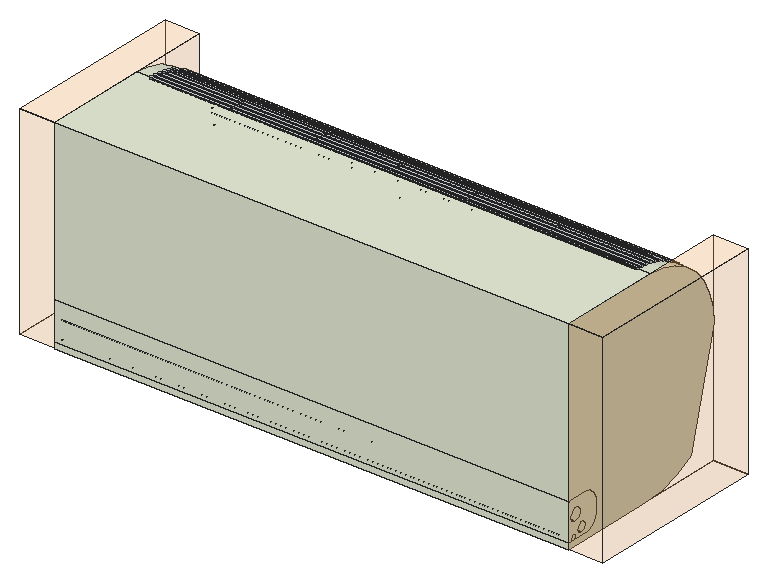
Revit family "1.5(2.2,2.8,3.6)kW", category Mechanical Equipment, Revit 2013
Parameters (values of type "1.5kW")
  clearance access right = 50.000 mm
  clearance access left = 50.000 mm
  clearance [instance] = no
  Width = 750.000 mm
  URL = ""
  Series = "VRF IDU"
  Power supply = "220-240V, 50Hz"
  Panel color = "Polar white"
  Net Weight = 9.00 kg
  Model = "1.5kW"
  Minimum Circuit Amps = 0.28 A
  Maximum Fuse Amps = 15 A
  Manufacturer = ""
  Machine material = Galvanized Steel
  Liquid pipe = 6.350 mm
  Installation = "Indoor installation"
  Height = 295.000 mm
  Heating Power Input = 18 W
  Heating Capacity = 1700 W
  Gas pipe = 12.700 mm
  Gas = "R410a/R32"
  Description = "High efficiency air cooled"
  Depth = 265.000 mm
  Cooling Power Input = 18 W
  Cooling Capacity = 1500 W
  Condensation = "air"
  Air  Flow = "460/440/420/400/380/360/340 m3/h"
Types (5, lengths in mm): name | Net Weight | Model | Minimum Circuit Amps | Heating Power Input | Heating Capacity | Cooling Power Input | Cooling Capacity | Air  Flow
  (no name) | 9.00 kg | "1.5kW" | 0.28 A | 18 W | 1700 W | 18 W | 1500 W | "460/440/420/400/380/360/340 m3/h"
  1.5kW | 9.00 kg | "1.5kW" | 0.28 A | 18 W | 1700 W | 18 W | 1500 W | "460/440/420/400/380/360/340 m3/h"
  2.2kW | 9.00 kg | "2.2kW" | 0.29 A | 21 W | 2400 W | 21 W | 2200 W | "500/470/440/410/390/370/340 m3/h"
  2.8kW | 10.00 kg | "2.8kW" | 0.36 A | 24 W | 3200 W | 24 W | 2800 W | "540/510/470/430/400/370/340 m3/h"
  3.6kW | 10.00 kg | "3.6kW" | 0.39 A | 27 W | 4000 W | 27 W | 3600 W | "580/540/500/460/420/380/340 m3/h"
Reference planes
  plane 1 "center(front/back)": y = 0
  plane 2: z = 0
  plane 3 "center(left/right)": x = 0
  plane 4: z = 375
  plane 5: x = 417.5
  plane 6: x = -332.5
  plane 7: y = 265
  plane 8: z = 295
Forms (mm)
  Extrusion 1, solid, material "Galvanized Steel" <- "Machine material", detail levels fine
    sketch origin (0, 125, 12.5) x (0, 1, 0) y (0, 0, 1)
      loop
        circle (-113.005, 29.131) r 8.25
    from -327.547 to 417.5
  Extrusion 2, solid, material "Galvanized Steel" <- "Machine material", detail levels fine
    sketch origin (0, 123.592, 9.769) x (0, 1, 0) y (0, 0, 1)
      loop
        circle (-100.476, 10.907) r 6.35
    from -327.547 to 417.5
  Extrusion 3, solid, material "Galvanized Steel" <- "Machine material", detail levels fine
    sketch origin (0, 127.199, 0) x (0, 1, 0) y (0, 0, 1)
      loop
        circle (-119.554, 12.9) r 3.175
    from -327.547 to 417.5
  Extrusion 4, solid, material "Galvanized Steel" <- "Machine material", detail levels medium+fine
    sketch origin (0, 3, 0) x (0, 1, 0) y (0, 0, 1)
      loop
        line (-3, 0) -> (136.546, 0)
        arc (136.546, 0) -> (180.314, 6.385) -> (220.434, 25.007) r 153.209
        line (220.434, 25.007) -> (262, 180.132)
        arc (262, 180.132) -> (228.356, 261.356) -> (147.132, 295) r 114.868
        line (147.132, 295) -> (-3, 295) -> (-3, 0)
    from 417.5 to -332.5
  Extrusion 5, solid, material "Galvanized Steel" <- "Machine material", detail levels fine
    sketch origin (0, 7.694, 14.158) x (0, 0.981627, -0.190809) y (0, 0.190809, 0.981627)
      loop
        arc (101.5, 0) -> (137.495, 5.734) -> (169.928, 22.368) r 115.852
        line (169.928, 22.368) -> (162.857, 29.439) -> (91.134, 7.511) -> (91.134, 0) -> (101.5, 0)
    from 357.5 to -277.424
  Extrusion 6, solid, material "Galvanized Steel" <- "Machine material", detail levels fine
    sketch origin (0, 0, 0) x (0, 1, 0) y (0, 0, 1)
      loop
        line (0, 63) -> (0, 9) -> (30, 9)
        arc (30, 9) -> (44.142, 14.858) -> (50, 29) r 20
        line (50, 29) -> (50, 43)
        arc (50, 43) -> (44.142, 57.142) -> (30, 63) r 20
        line (30, 63) -> (0, 63)
    from 417.5 to -332.5
  Extrusion 7, void
    sketch origin (0, 0, 0) x (1, 0, 0) y (0, 1, 0)
      loop
        line (357.5, 254.582) -> (-277.424, 254.582) -> (-277.424, 150) -> (357.5, 150) -> (357.5, 254.582)
    from 295 to 164.01
  Extrusion 8, void
    sketch origin (0, -114.582, 0) x (1, 0, 0) y (0, 1, 0)
      loop
        line (357.5, 331.599) -> (-277.424, 331.599) -> (-277.424, 264.582) -> (357.5, 264.582) -> (357.5, 331.599)
    from 295 to 42.64
  Extrusion 9, solid, detail levels fine
    sketch origin (0, 0, 0) x (0, 1, 0) y (0, 0, 1)
      loop
        circle (150.132, 295) r 1.5
      loop
        circle (158.145, 294.72) r 1.5
      loop
        circle (166.119, 293.882) r 1.5
      loop
        circle (174.015, 292.49) r 1.5
      loop
        circle (181.794, 290.55) r 1.5
      loop
        circle (189.419, 288.073) r 1.5
      loop
        circle (196.853, 285.069) r 1.5
      loop
        circle (204.059, 281.554) r 1.5
      loop
        circle (211.003, 277.546) r 1.5
      loop
        circle (217.65, 273.062) r 1.5
      loop
        circle (223.968, 268.126) r 1.5
      loop
        circle (229.926, 262.761) r 1.5
      loop
        circle (235.496, 256.994) r 1.5
      loop
        circle (240.649, 250.852) r 1.5
      loop
        circle (245.362, 244.365) r 1.5
      loop
        circle (249.611, 237.566) r 1.5
      loop
        circle (253.375, 230.487) r 1.5
      loop
        circle (256.636, 223.162) r 1.5
      loop
        circle (259.378, 215.628) r 1.5
      loop
        circle (261.588, 207.921) r 1.5
      loop
        circle (263.255, 200.079) r 1.5
      loop
        circle (264.371, 192.139) r 1.5
      loop
        circle (264.93, 184.141) r 1.5
    from 398.202 to -313.094
  Extrusion 10, solid, detail levels fine
    sketch origin (35, 0, 0) x (0, 1, 0) y (0, 0, -1)
      loop
        arc (264, -180.132) -> (230.649, -260.649) -> (150.132, -294) r 113.868
        line (150.132, -294) -> (150.132, -296)
        arc (150.132, -296) -> (232.063, -262.063) -> (266, -180.132) r 115.868
        line (266, -180.132) -> (264, -180.132)
    from 1 to -1
  Extrusion 11, solid, detail levels fine
    sketch origin (145, 0, 0) x (0, 1, 0) y (0, 0, 1)
      loop
        line (264, 180.132) -> (266, 180.132)
        arc (266, 180.132) -> (232.063, 262.063) -> (150.132, 296) r 115.868
        line (150.132, 296) -> (150.132, 294)
        arc (150.132, 294) -> (230.649, 260.649) -> (264, 180.132) r 113.868
    from 1 to -1
  Extrusion 12, solid, detail levels fine
    sketch origin (265, 0, 0) x (0, 1, 0) y (0, 0, 1)
      loop
        line (264, 180.132) -> (266, 180.132)
        arc (266, 180.132) -> (232.063, 262.063) -> (150.132, 296) r 115.868
        line (150.132, 296) -> (150.132, 294)
        arc (150.132, 294) -> (230.649, 260.649) -> (264, 180.132) r 113.868
    from 1 to -1
  Extrusion 13, solid, detail levels fine
    sketch origin (-77, 0, 0) x (0, 1, 0) y (0, 0, -1)
      loop
        arc (264, -180.132) -> (230.649, -260.649) -> (150.132, -294) r 113.868
        line (150.132, -294) -> (150.132, -296)
        arc (150.132, -296) -> (232.063, -262.063) -> (266, -180.132) r 115.868
        line (266, -180.132) -> (264, -180.132)
    from 1 to -1
  Extrusion 14, solid, detail levels fine
    sketch origin (-197, 0, 0) x (0, 1, 0) y (0, 0, -1)
      loop
        arc (264, -180.132) -> (230.649, -260.649) -> (150.132, -294) r 113.868
        line (150.132, -294) -> (150.132, -296)
        arc (150.132, -296) -> (232.063, -262.063) -> (266, -180.132) r 115.868
        line (266, -180.132) -> (264, -180.132)
    from 1 to -1
Cuts and joins
  Extrusion 7, Extrusion 8 cuts Extrusion 4
  Extrusion 7 cuts Extrusion 5
  Extrusion 7 cuts Extrusion 6
Lines and regions (mm)
  model lines
    curve 1: line (-332.5, 150.132, 295) -> (-332.5, 0, 295)
    curve 2: line (-332.5, 0, 295) -> (-332.5, 0, 0)
    curve 3: line (-332.5, 0, 0) -> (-332.5, 139.546, 0)
    curve 4: arc (-332.5, 139.546, 0) -> (-332.5, 183.314, 6.385) -> (-332.5, 223.434, 25.007) r 153.209
    curve 5: line (-332.5, 223.434, 25.007) -> (-332.5, 265, 180.132)
    curve 6: arc (-332.5, 265, 180.132) -> (-332.5, 231.356, 261.356) -> (-332.5, 150.132, 295) r 114.868
    curve 7: line (417.5, 150.132, 295) -> (417.5, 0, 295)
    curve 8: line (417.5, 0, 295) -> (417.5, 0, 0)
    curve 9: line (417.5, 0, 0) -> (417.5, 139.546, 0)
    curve 10: arc (417.5, 139.546, 0) -> (417.5, 183.314, 6.385) -> (417.5, 223.434, 25.007) r 153.209
    curve 11: line (417.5, 223.434, 25.007) -> (417.5, 265, 180.132)
    curve 12: arc (417.5, 265, 180.132) -> (417.5, 231.356, 261.356) -> (417.5, 150.132, 295) r 114.868
    curve 13: line (-332.5, 223.434, 25.007) -> (417.5, 223.434, 25.007)
    curve 14: line (-332.5, 265, 180.132) -> (417.5, 265, 180.132)
    curve 15: line (417.5, 0, 0) -> (-332.5, 0, 0)
    curve 16: line (417.5, 0, 295) -> (-332.5, 0, 295)
Dimensions and locks
  diameter of Extrusion 2 = 12.700 mm
  aligned and locked: level to plane 2
Nested families
  nested 1: "service space" at (417.5, 0, 0), Height <- "Height", type "Midea Service  Space"
    with Width 50.000 mm, Height 295.000 mm, Depth 265.000 mm
  nested 2: "service space" at (-382.5, 0, 0), Height <- "Height", type "Midea Service  Space"
    with Width 50.000 mm, Height 295.000 mm, Depth 265.000 mm
Connectors
  piping at (417.5, 11.995, 41.631)
    settings: on Extrusion 1, index 5, connector radius 8.25 mm, flow factor 0, pipe flow 0.0 m³/h, pressure drop 0.0 Pa, fitting loss kfactor 0, connector angle 0.00°, fixture units 0, engagement length 0.000 mm, flow configuration 1, flow direction 2, fitting loss method 0, system type 29, joint type 0, gender type 0, connector reference index -1, connector utility 0, adjustable connector no, is connector primary yes, fitting loss table "", connector description "Drain pipe OD Φ 16.5mm"
  piping at (417.5, 23.116, 20.676)
    settings: on Extrusion 2, index 6, connector radius 6.35 mm, flow factor 0, pipe flow 0.0 m³/h, pressure drop 0.0 Pa, fitting loss kfactor 0, connector angle 0.00°, fixture units 0, engagement length 0.000 mm, flow configuration 1, flow direction 0, fitting loss method 4, system type 22, joint type 0, gender type 0, connector reference index -1, connector utility 0, adjustable connector no, is connector primary no, fitting loss table "", connector description "Gas pipe Φ12.7mm"
  piping at (417.5, 7.645, 12.9)
    settings: on Extrusion 3, index 7, connector radius 3.175 mm, flow factor 0, pipe flow 0.0 m³/h, pressure drop 0.0 Pa, fitting loss kfactor 0, connector angle 0.00°, fixture units 0, engagement length 0.000 mm, flow configuration 1, flow direction 0, fitting loss method 4, system type 22, joint type 0, gender type 0, connector reference index -1, connector utility 0, adjustable connector no, is connector primary no, fitting loss table "", connector description "Liquid pipe Φ6.35mm"
  electrical at (-332.5, 26.667, 36)
    settings: on Extrusion 6, index 8, voltage 220 V, apparent load 0 VA, apparent load phase1 0 VA, apparent load phase2 0 VA, apparent load phase3 0 VA, power factor 1, load classification "Power", number of poles 1, system type 30, power factor state 1, is connector primary yes, connector utility no, sub classification motor no, connector description "The location of electrical connectors is not the same as the actual location because the wiring terminal is inside the unit."
Definition of nested family "service space"
  Parameters (values of type "Midea Service  Space")
    Width [instance] = 500.000 mm
    Height [instance] = 500.000 mm
    Depth [instance] = 500.000 mm
  Reference planes
    plane 1 "Center (Front/Back)": y = 0
    plane 2: z = 0
    plane 3 "Center (Left/Right)": x = 0
    plane 4: z = 500
    plane 5: y = 500
    plane 6: x = 500
  Forms (mm)
    Extrusion 1, solid, material "Midea Service Space-HDY"
      sketch origin (0, 0, 0) x (1, 0, 0) y (0, 1, 0)
        loop
          line (0, 500) -> (0, 0) -> (500, 0) -> (500, 500) -> (0, 500)
      from 0 to 500
  Dimensions and locks
    "Width": plane 3 "Center (Left/Right)" to plane 6
    "Depth": plane 5 to plane 1 "Center (Front/Back)"
    "Height": level to plane 4
    aligned and locked: level to plane 2
    aligned and locked: plane 5 to Extrusion 1
    aligned and locked: Extrusion 1 to plane 6
    aligned and locked: Extrusion 1 to plane 3 "Center (Left/Right)"
    aligned and locked: plane 1 "Center (Front/Back)" to Extrusion 1
    aligned and locked: Extrusion 1 to plane 4
  Automatic sketch dimensions
    Extrusion 1 sketch curve to plane 3 "Center (Left/Right)" = 0.000 mm
    plane 1 "Center (Front/Back)" to Extrusion 1 sketch curve = 0.000 mm
    Extrusion 1 sketch curve to plane 6 = 0.000 mm
    Extrusion 1 sketch curve to plane 5 = 0.000 mm
